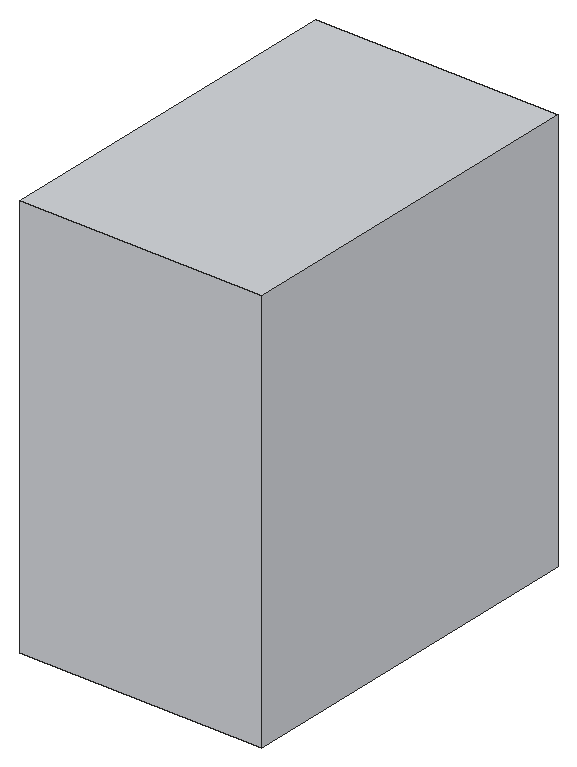
Revit family
Parameters
  Warranty Duration (Years) = 0
  Unit Width [instance] = 1' - 1"
  Unit Height [instance] = 4' - 7"
  Unit Depth = 0' - 0 15/16"
  URL = "http://www.americanspecialties.com/viewCategories.cfm"
  Trim Material = Metal - Stainless Steel
  Test Data = ""
  Specification = "http://www.arcat.com/sdspecs/htm/10810asi.htm"
  SpecWizard = ""
  Send Message = "http://www.arcat.com/users.pl?action=UserEmail&company=American%20Specialties,%20Inc.&coid=30448&rep=139&fax=914-476-0688&mf="
  Sales Information = "http://www.americanspecialties.com/contact"
  Revision = "R1_10-2010"
  Product Properties = "http://www.americanspecialties.com/datasheets/0467-9.pdf"
  Product Data = "http://www.arcat.com/arcatcos/cos30/arc30448.html"
  Model = "As Specified in 10 28 13"
  Manufacturer Website = "http://www.americanspecialties.com/viewCategories.cfm"
  Manufacturer Phone - Toll Free = ""
  Manufacturer Phone = "914-476-9000 "
  Manufacturer Fax = "914-476-0688"
  Manufacturer Address = "441 Saw Mill River Rd., Yonkers, NY 10701"
  Manufacturer = "American Specialties, Inc."
  Maintenance Schedule (Months) = 0
  Keynote = "10 28 13"
  Installation-Fabrication = "http://www.americanspecialties.com/products.cfm"
  Green Building-LEED = ""
  Expected Lifespan (Years) = 0
  Drawn By = "Robert S. Weygant. CSI, CDT, SCIP"  # constant formula
  Description = "Toilet Accessory as Specified in 10 28 13"
  Default Elevation = 4' - 0"
  Copyright = "©Arcat Inc."
  Construction Details = "http://www.arcat.com/green/clients/leed_data_30448.html"
  Building Codes = "http://www.americanspecialties.com/products.cfm"
  Body Material = Metal - Stainless Steel
  Assembly Code = "C1030210"
Reference planes (in)
  plane 1 "Center (Front/Back)": y = -0.29112
  plane 2 "Floor Line": z = 0
  plane 3 "Center (Left/Right)": x = -0.65843
Forms (in)
  Extrusion 1, solid
    sketch origin (-3, -9, -6) x (0, 0, -1) y (1, 0, 0)
      loop
        line (-82, 26) -> (-82, -19.34712) -> (-6, -19.34712) -> (-6, 26) -> (-82, 26)
    from 28.29112 to -41.06337
  Extrusion 2, solid, material "Metal - Stainless Steel" <- "Body Material"
    sketch origin (0, 4, 6.25) x (1, 0, 0) y (0, 1, 0)
      loop
        line (-6.15843, 22.20888) -> (-6.15843, -30.79112) -> (4.84157, -30.79112) -> (4.84157, 22.20888) -> (-6.15843, 22.20888)
    from 0 to -6.25
  Extrusion 3, solid, material "Metal - Stainless Steel" <- "Body Material"
    sketch origin (-0.90625, -0.29112, 6.25) x (1, 0, 0) y (0, 0, 1)
      loop
        line (-6.25218, 0) -> (6.74782, 0) -> (6.74782, 0.5) -> (-6.25218, 0.5) -> (-6.25218, 0)
    from -27.5 to 27.5
  Extrusion 4, void
    sketch origin (-0.65843, 6.5, 6.25) x (0, 1, 0) y (0, 0, 1)
      loop
        line (-0.49957, -6.2123) -> (2.70888, 0) -> (2.70888, 0.9375) -> (-8.29112, 0.9375) -> (-8.29112, -6.2123) -> (-0.49957, -6.2123)
    from -5.46875 to 5.46875
  Extrusion 5, void
    sketch origin (-34, 1.19043, 9.38751) x (1, 0, 0) y (0, 0.458881, 0.888498)
      loop
        arc (36.97904, -1.93126) -> (37.16013, -1.67833) -> (36.96657, -1.43482) r 0.2582
        line (36.96657, -1.43482) -> (36.21657, -1.43482)
        arc (36.21657, -1.43482) -> (33.34157, -0.76381) -> (30.46657, -1.43482) r 6.49463
        line (30.46657, -1.43482) -> (29.71657, -1.43482)
        arc (29.71657, -1.43482) -> (29.523, -1.67833) -> (29.70409, -1.93126) r 0.2582
        line (29.70409, -1.93126) -> (30.47904, -1.93126)
        arc (30.47904, -1.93126) -> (33.34157, -2.19871) -> (36.20409, -1.93126) r 15.45277
        line (36.20409, -1.93126) -> (36.97904, -1.93126)
    from -8.81412 to -8.56412
  Extrusion 6, solid, material "Metal - Stainless Steel" <- "Trim Material"
    sketch origin (0, 0, 5.8125) x (1, 0, 0) y (0, 1, 0)
      loop
        circle (-5.15843, -14.79112) r 0.5
      loop
        line (-5.21525, -14.37247) -> (-5.21525, -15.22198) -> (-5.10162, -15.22198) -> (-5.10162, -14.37247) -> (-5.21525, -14.37247)
      loop
        circle (-5.15843, 17.70888) r 0.5
      loop
        line (-5.21525, 17.29024) -> (-5.10162, 17.29024) -> (-5.10162, 18.13975) -> (-5.21525, 18.13975) -> (-5.21525, 17.29024)
    from 0.9375 to 1
  Extrusion 7, solid, material "Metal - Stainless Steel" <- "Body Material"
    sketch origin (0, 0, 6.25) x (1, 0, 0) y (0, 1, 0)
      loop
        line (-6.15843, -1.79112) -> (-6.15843, -2.79112) -> (4.84157, -2.79112) -> (4.84157, -1.79112) -> (-6.15843, -1.79112)
    from -6.25 to 0.5
  Extrusion 8, solid, material "Metal - Stainless Steel" <- "Body Material"
    sketch origin (0, 0, 6.25) x (1, 0, 0) y (0, 1, 0)
      loop
        line (-6.15843, 26.20888) -> (-6.15843, 9.20921) -> (4.84157, 9.20921) -> (4.84157, 26.20888) -> (-6.15843, 26.20888)
    from 0 to 0.5
  Extrusion 9, solid, material "Metal - Stainless Steel" <- "Body Material"
    sketch origin (0, 0, 6.25) x (1, 0, 0) y (0, 1, 0)
      loop
        line (-6.15843, -2.79112) -> (-6.15843, -26.79112) -> (4.84157, -26.79112) -> (4.84157, -2.79112) -> (-6.15843, -2.79112)
    from 0 to 0.5
  Extrusion 10, solid, material "Metal - Stainless Steel" <- "Body Material"
    sketch origin (0, 0, 4) x (1, 0, 0) y (0, 1, 0)
      loop
        line (-7.15843, 27.20888) -> (-7.15843, -27.79112) -> (5.84157, -27.79112) -> (5.84157, 27.20888) -> (-7.15843, 27.20888)
      loop
        line (-6.15843, 26.20888) -> (-6.15843, -26.79112) -> (4.84157, -26.79112) -> (4.84157, 26.20888) -> (-6.15843, 26.20888)
    from -4 to 2.25
Cuts and joins
  Extrusion 4, Extrusion 5 cuts Extrusion 2
  Extrusion 4 cuts Extrusion 3
  Extrusion 4 cuts Extrusion 6
  Extrusion 4 cuts Extrusion 7
  Extrusion 4 cuts Extrusion 8
  Extrusion 4 cuts Extrusion 10
Dimensions and locks (in)
  Extrusion 3 sketch curve to Extrusion 3 sketch curve = 1' - 1"
  aligned and locked: Extrusion 1 to level
